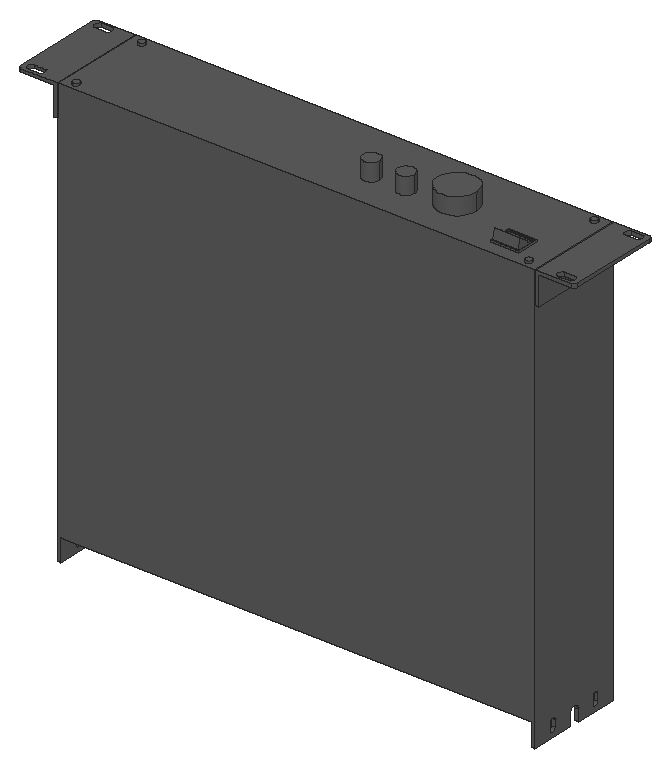
Revit family "Electronics_Commercial-Audio_Biamp_Power-Amplifier_PA240P", category Communication Devices, host Face, Revit 2020
Family settings
  Host = Face
  Maintain Annotation Orientation = No
  Round Connector Dimension = Use Diameter
  Part Type = Normal
  OmniClass Number = 23.85.10.11.14.14.17
  OmniClass Title = Sound Amplifiers
  Cut with Voids When Loaded = No
  Shared = No
  Room Calculation Point = No
Parameters (values of type "PA240P")
  Width = 16.92913"  # constant formula
  Weight = 13.15 kgf  # constant formula
  Voltage = 240 V
  Version = 1
  URL = "https://www.biamp.com/"
  Temperature Range = "90°C/ch + transformer 105°C"  # constant formula
  Product data url = "https://bimobject.com/biamp/product/pa240p_commercial-audio-power-amplifier"
  Product Page URL = "https://www.biamp.com/products/product-families/commercial-audio/power-amplifiers#pa240p"
  Product Documentation Link = "https://downloads.biamp.com/assets/docs/default-source/data-sheets/biamp_data_sheet_pa240p_aug20.pdf"
  Power Factor = 1
  Number of Poles = 1
  Model = "PA240P"  # constant formula
  Max Power Consumption = 525 W
  Manufacturer = "Biamp"  # constant formula
  Housing Material = Biamp - Metal - Black
  Height = 3.46457"  # constant formula
  Description = "PA240P 1-Channel Power Amplifier"  # constant formula
  Depth = 14.40945"  # constant formula
  Default Elevation = 48"
  Date Updated = ""
  Date Created = "2023/08/21"
  Connector Description = "Power supply"  # constant formula
  Apparent Load = Max Power Consumption / Power Factor  # 525 VA
Reference planes (in)
  plane 1 "Center (Front/Back)": y = 0
  plane 2: z = 0
  plane 3 "Center (Left/Right)": x = 0
  plane 4: y = 0.2485
  plane 5: x = -9.39
Dimensions and locks (in)
  locked: plane 4 to plane 1 "Center (Front/Back)" at 0.2485
  locked: plane 5 to plane 3 "Center (Left/Right)" at 9.39
  aligned and locked: plane 2 to host face
  aligned and locked: level to host face
  aligned and locked: plane 5 to nested 1
Nested families (in)
  nested 1: "PA240P" at (0.00354, 0, -7.08472) x (1, 0, 0) z (0, 1, 0), type "PA240P"
    with Housing Material Biamp - Metal - Black
Connectors (in)
  electrical at (3.54081, 1.23051, -13.38394), driven by "Power Factor", driven by "Apparent Load", driven by "Voltage", driven by "Number of Poles", driven by "Connector Description"
    settings: on nested 1, index 35, voltage 240 V, apparent load 0 VA, apparent load phase1 525 VA, apparent load phase2 0 VA, apparent load phase3 0 VA, power factor 1, load classification "Power", number of poles 1, system type 31, power factor state 1, is connector primary yes, connector utility no, sub classification motor no, connector description "Power supply"
  electrical at (1.41828, 1.82678, -14.51337)
    settings: on nested 1, index 36, voltage 0 V, apparent load 0 VA, apparent load phase1 0 VA, apparent load phase2 0 VA, apparent load phase3 0 VA, power factor 1, load classification "Other", number of poles 1, system type 5, power factor state 1, is connector primary no, connector utility no, sub classification motor no, connector description "Terminal strip"
  electrical at (-3.28388, 1.99845, -14.28945)
    settings: on nested 1, index 38, voltage 0 V, apparent load 0 VA, apparent load phase1 0 VA, apparent load phase2 0 VA, apparent load phase3 0 VA, power factor 1, load classification "Other", number of poles 1, system type 5, power factor state 1, is connector primary no, connector utility no, sub classification motor no, connector description "XLR3 or 6.3 mm stereo phone jack"
  electrical at (-5.05553, 1.99845, -14.28945)
    settings: on nested 1, index 39, voltage 0 V, apparent load 0 VA, apparent load phase1 0 VA, apparent load phase2 0 VA, apparent load phase3 0 VA, power factor 1, load classification "Other", number of poles 1, system type 5, power factor state 1, is connector primary no, connector utility no, sub classification motor no, connector description "XLR3 or 6.3 mm stereo phone jack"
  electrical at (-6.67955, 1.99845, -13.38394)
    settings: on nested 1, index 40, voltage 0 V, apparent load 0 VA, apparent load phase1 0 VA, apparent load phase2 0 VA, apparent load phase3 0 VA, power factor 1, load classification "Other", number of poles 1, system type 5, power factor state 1, is connector primary no, connector utility no, sub classification motor no, connector description "XLR3"
  electrical at (1.81312, 1.83059, -14.51337)
    settings: on nested 1, index 41, voltage 0 V, apparent load 0 VA, apparent load phase1 0 VA, apparent load phase2 0 VA, apparent load phase3 0 VA, power factor 1, load classification "Other", number of poles 1, system type 5, power factor state 1, is connector primary no, connector utility no, sub classification motor no, connector description "Terminal strip"
  electrical at (1.02187, 1.83059, -14.51337)
    settings: on nested 1, index 42, voltage 0 V, apparent load 0 VA, apparent load phase1 0 VA, apparent load phase2 0 VA, apparent load phase3 0 VA, power factor 1, load classification "Other", number of poles 1, system type 5, power factor state 1, is connector primary no, connector utility no, sub classification motor no, connector description "Terminal strip"
  electrical at (1.81312, 0.76309, -14.51337)
    settings: on nested 1, index 43, voltage 0 V, apparent load 0 VA, apparent load phase1 0 VA, apparent load phase2 0 VA, apparent load phase3 0 VA, power factor 1, load classification "Other", number of poles 1, system type 5, power factor state 1, is connector primary no, connector utility no, sub classification motor no, connector description "Emergency power supply 24VDC"
  electrical at (1.06312, 0.76309, -14.51337)
    settings: on nested 1, index 44, voltage 0 V, apparent load 0 VA, apparent load phase1 0 VA, apparent load phase2 0 VA, apparent load phase3 0 VA, power factor 1, load classification "Other", number of poles 1, system type 5, power factor state 1, is connector primary no, connector utility no, sub classification motor no, connector description "Speaker output connector"
Definition of nested family "PA240P"
  Parameters (values of type "PA240P")
    Housing Material [instance] = none
    Default Elevation = 48"
  Reference planes (in)
    plane 1 "Center (Front/Back)": y = 0
    plane 2: z = 0
    plane 3 "Center (Left/Right)": x = 0
    plane 4: z = 0.24217
    plane 5: x = -9.39354
  Forms (in)
    Extrusion 1, solid
      sketch origin (0, 0, 0) x (1, 0, 0) y (0, 1, 0)
        loop
          line (-48, 48) -> (-48, -48) -> (48, -48) -> (48, 48) -> (-48, 48)
      from 0 to -12
    Extrusion 2, solid, material <- "Housing Material"
      sketch origin (0, 0, 0) x (1, 0, 0) y (0, 1, 0)
        loop
          line (-8.46457, 7.20472) -> (-8.46457, -7.20472) -> (8.46457, -7.20472) -> (8.46457, 7.20472) -> (-8.46457, 7.20472)
      from 0 to 3.46457
    Extrusion 3, void
      sketch origin (0.26441, 2.18661, 2.44986) x (-1, 0, 0) y (0, 0, -1)
        loop
          line (-2.97532, 0.86406) -> (-2.78503, 1.05435) -> (-2.78503, 1.42962)
          arc (-2.78503, 1.42962) -> (-2.80466, 1.49098) -> (-2.85626, 1.52955) r 0.10571
          line (-2.85626, 1.52955) -> (-3.68937, 1.52955)
          arc (-3.68937, 1.52955) -> (-3.74097, 1.49098) -> (-3.7606, 1.42962) r 0.10571
          line (-3.7606, 1.42962) -> (-3.7606, 1.054) -> (-3.57065, 0.86406) -> (-2.97532, 0.86406)
        loop
          circle (6.9475, 0.45141) r 0.47244
      from -5.01811 to -4.1126
    Extrusion 4, solid, material <- "Housing Material"
      sketch origin (0, -1.41486, 0) x (1, 0, 0) y (0, 1, 0)
        loop
          line (-8.46457, -5.78986) -> (-8.46457, -5.59301) -> (-8.46457, -4.66461) -> (-8.58457, -4.66461) -> (-8.58457, -5.66986) -> (-9.8622, -5.66986) -> (-9.8622, -5.78986) -> (-8.46457, -5.78986)
        loop
          line (8.46457, -5.78986) -> (9.8622, -5.78986) -> (9.8622, -5.66986) -> (8.58457, -5.66986) -> (8.58457, -4.66461) -> (8.46457, -4.66461) -> (8.46457, -5.59301) -> (8.46457, -5.78986)
      from 0 to 3.46457
    Extrusion 5, void
      sketch origin (0, 0, 0) x (1, 0, 0) y (0, 0, 1)
        loop
          line (-9.8622, 0) -> (-9.75681, 0)
          spline (-9.75681, 0) -> (-9.77041, 0.00495) -> (-9.78314, 0.0112) -> (-9.79499, 0.01877) -> (-9.80597, 0.02764) -> (-9.81607, 0.03781) -> (-9.82529, 0.0493) -> (-9.83363, 0.06209) -> (-9.8411, 0.07619) -> (-9.84769, 0.09159) -> (-9.85341, 0.1083) -> (-9.85824, 0.12632) -> (-9.8622, 0.14564)
          line (-9.8622, 0.14564) -> (-9.8622, 0)
        loop
          line (-9.17292, 3.37335) -> (-9.61417, 3.37335)
          arc (-9.61417, 3.37335) -> (-9.70466, 3.2224) -> (-9.61417, 3.07145) r 0.17114
          line (-9.61417, 3.07145) -> (-9.17292, 3.07145)
          arc (-9.17292, 3.07145) -> (-9.08242, 3.2224) -> (-9.17292, 3.37335) r 0.17114
        loop
          line (-9.8622, 3.46457) -> (-9.8622, 3.31892)
          spline (-9.8622, 3.31892) -> (-9.85824, 3.33825) -> (-9.85341, 3.35627) -> (-9.84769, 3.37298) -> (-9.8411, 3.38838) -> (-9.83363, 3.40248) -> (-9.82529, 3.41527) -> (-9.81607, 3.42675) -> (-9.80597, 3.43693) -> (-9.79499, 3.4458) -> (-9.78314, 3.45336) -> (-9.77041, 3.45962) -> (-9.75681, 3.46457)
          line (-9.75681, 3.46457) -> (-9.8622, 3.46457)
        loop
          arc (-9.17292, 0.09122) -> (-9.08242, 0.24217) -> (-9.17292, 0.39312) r 0.17114
          line (-9.17292, 0.39312) -> (-9.61417, 0.39312)
          arc (-9.61417, 0.39312) -> (-9.70466, 0.24217) -> (-9.61417, 0.09122) r 0.17114
          line (-9.61417, 0.09122) -> (-9.17292, 0.09122)
        loop
          line (9.8622, 0) -> (9.8622, 0.14564)
          spline (9.8622, 0.14564) -> (9.85824, 0.12632) -> (9.85341, 0.1083) -> (9.84769, 0.09159) -> (9.8411, 0.07619) -> (9.83363, 0.06209) -> (9.82529, 0.0493) -> (9.81607, 0.03781) -> (9.80597, 0.02764) -> (9.79499, 0.01877) -> (9.78314, 0.0112) -> (9.77041, 0.00495) -> (9.75681, 0)
          line (9.75681, 0) -> (9.8622, 0)
        loop
          arc (9.17292, 3.37335) -> (9.08242, 3.2224) -> (9.17292, 3.07145) r 0.17114
          line (9.17292, 3.07145) -> (9.61417, 3.07145)
          arc (9.61417, 3.07145) -> (9.70466, 3.2224) -> (9.61417, 3.37335) r 0.17114
          line (9.61417, 3.37335) -> (9.17292, 3.37335)
        loop
          line (9.8622, 3.46457) -> (9.75681, 3.46457)
          spline (9.75681, 3.46457) -> (9.77041, 3.45962) -> (9.78314, 3.45336) -> (9.79499, 3.4458) -> (9.80597, 3.43693) -> (9.81607, 3.42675) -> (9.82529, 3.41527) -> (9.83363, 3.40248) -> (9.8411, 3.38838) -> (9.84769, 3.37298) -> (9.85341, 3.35627) -> (9.85824, 3.33825) -> (9.8622, 3.31892)
          line (9.8622, 3.31892) -> (9.8622, 3.46457)
        loop
          line (9.17292, 0.09122) -> (9.61417, 0.09122)
          arc (9.61417, 0.09122) -> (9.70466, 0.24217) -> (9.61417, 0.39312) r 0.17114
          line (9.61417, 0.39312) -> (9.17292, 0.39312)
          arc (9.17292, 0.39312) -> (9.08242, 0.24217) -> (9.17292, 0.09122) r 0.17114
      from 7.08472 to 7.20472
    Extrusion 6, solid, material <- "Housing Material", detail levels medium+fine
      sketch origin (-8.75489, 0, -0.74406) x (1, 0, 0) y (0, 0, 1)
        loop
          circle (0.73056, 1.02405) r 0.11811
        loop
          circle (0.73056, 3.92864) r 0.11811
        loop
          circle (16.77922, 1.02405) r 0.11811
        loop
          circle (16.77922, 3.92864) r 0.11811
      from 7.20472 to 7.26015
    Extrusion 7, void
      sketch origin (0, -1.25984, 0) x (0, 1, 0) y (0, 0, 1)
        loop
          line (9.25197, 1.92913) -> (8.85502, 1.92913)
          arc (8.85502, 1.92913) -> (8.65817, 1.73228) -> (8.85502, 1.53543) r 0.19685
          line (8.85502, 1.53543) -> (9.25197, 1.53543) -> (9.25197, 1.92913)
        loop
          line (8.98246, 2.80266) -> (8.73407, 2.80266)
          arc (8.73407, 2.80266) -> (8.61089, 2.67948) -> (8.73407, 2.5563) r 0.12318
          line (8.73407, 2.5563) -> (8.98246, 2.5563)
          arc (8.98246, 2.5563) -> (9.10564, 2.67948) -> (8.98246, 2.80266) r 0.12318
        loop
          arc (8.98246, 0.66191) -> (9.10564, 0.78509) -> (8.98246, 0.90827) r 0.12318
          line (8.98246, 0.90827) -> (8.73407, 0.90827)
          arc (8.73407, 0.90827) -> (8.61089, 0.78509) -> (8.73407, 0.66191) r 0.12318
          line (8.73407, 0.66191) -> (8.98246, 0.66191)
      from -8.46457 to 8.46457
    Extrusion 8, solid
      sketch origin (-13.30764, 10.82677, 19.07897) x (0, 1, 0) y (0, 0, 1)
        loop
          line (-3.62205, -17.49838) -> (-3.39813, -17.49838) -> (-3.39813, -17.00599) -> (-3.58514, -17.00599) -> (-3.58514, -17.30153) -> (-3.62205, -17.30153) -> (-3.62205, -17.49838)
        loop
          line (-3.62205, -18.55645) -> (-3.39813, -18.55645) -> (-3.39813, -18.06406) -> (-3.58514, -18.06406) -> (-3.58514, -18.3596) -> (-3.62205, -18.3596) -> (-3.62205, -18.55645)
      from 14.01504 to 15.42972
    Extrusion 9, solid, material <- "Housing Material", detail levels medium+fine
      sketch origin (-8.70568, 0, -0.94091) x (1, 0, 0) y (0, 0, 1)
        loop
          circle (6.79931, 3.11827) r 0.15748
      from -7.3622 to -7.20472
    Extrusion 10, solid, material <- "Housing Material", detail levels medium+fine
      sketch origin (-8.75489, 0, -0.74406) x (1, 0, 0) y (0, 0, 1)
        loop
          line (12.58249, 3.46923) -> (11.99194, 3.46923) -> (11.99194, 3.19729) -> (12.58249, 3.19729) -> (12.58249, 3.46923)
      from -7.3622 to -7.20472
    Sweep 11, solid, detail levels medium+fine
      path in 3D
        loop
          line (6.5775, -7.24409, 0.5014) -> (7.48302, -7.24409, 0.5014) -> (7.48302, -7.24409, 1.21006) -> (6.5775, -7.24409, 1.21006) -> (6.5775, -7.24409, 0.5014)
      profile origin (6.5775, -7.24409, 0.85573) x (-1, 0, 0) y (0, -1, 0)
        loop
          line (0, 0) -> (-0.03937, 0) -> (-0.03937, -0.03937) -> (0.03937, -0.03937) -> (0.03937, 0.03937) -> (0, 0.03937) -> (0, 0)
    Extrusion 12, solid, detail levels medium+fine
      sketch origin (3.17199, -1.56742, 0.6225) x (0, 0, -1) y (0, -1, 0)
        loop
          line (0.1211, 5.67667) -> (0.05274, 6.06439)
          arc (0.05274, 6.06439) -> (-0.24194, 5.82847) -> (-0.58756, 5.67667) r 1.44893
          line (-0.58756, 5.67667) -> (0.1211, 5.67667)
      from -4.31102 to -3.40551
    Extrusion 13, solid, material <- "Housing Material"
      sketch origin (0, -1.41486, 0) x (1, 0, 0) y (0, 1, 0)
        loop
          line (-8.46457, 8.61959) -> (-8.33916, 8.61959) -> (-8.33916, 9.40699) -> (-8.46457, 9.40699) -> (-8.46457, 8.61959)
        loop
          line (8.46457, 8.61959) -> (8.46457, 9.40699) -> (8.33916, 9.40699) -> (8.33916, 8.61959) -> (8.46457, 8.61959)
      from 0 to 3.46457
    Extrusion 14, solid, material <- "Housing Material", detail levels medium+fine
      sketch origin (-10.02378, 0, -0.01976) x (1, 0, 0) y (0, 0, 1)
        loop
          circle (14.45666, 1.6102) r 0.68898
        loop
          circle (12.88186, 1.31493) r 0.29528
        loop
          circle (11.65154, 1.31493) r 0.29528
      from 7.20472 to 7.79528
    Extrusion 15, solid, detail levels medium+fine
      sketch origin (-11.25992, 7.20472, 0) x (1, 0, 0) y (0, 0, -1)
        loop
          circle (7.97249, -1.99845) r 0.47244
        loop
          circle (7.97249, -1.99845) r 0.11811
        loop
          circle (6.20084, -1.99845) r 0.47244
        loop
          circle (6.20084, -1.99845) r 0.11811
      from 0 to 0.44631
  Cuts and joins
    Extrusion 3 cuts Extrusion 2
    Extrusion 7 cuts Extrusion 13
    joined: Extrusion 2, Extrusion 13
    Extrusion 5, Extrusion 7 cuts Extrusion 4
  Lines and regions (in)
    Masking region 1
      outline origin (0, 0, 0) x (1, 0, 0) y (0, 1, 0)
        loop
          line (-8.46457, 7.99213) -> (-8.46457, -7.20472) -> (8.46457, -7.20472) -> (8.46457, 7.99213) -> (8.33916, 7.99213) -> (8.33916, 7.20472) -> (-8.33916, 7.20472) -> (-8.33916, 7.99213) -> (-8.46457, 7.99213)
    Masking region 2
      outline origin (0, -0.05585, 0) x (1, 0, 0) y (0, 1, 0)
        loop
          line (-8.46457, -6.02362) -> (-8.58457, -6.02362) -> (-8.58457, -7.02888) -> (-9.8622, -7.02888) -> (-9.8622, -7.14888) -> (-8.46457, -7.14888) -> (-8.46457, -6.02362)
        loop
          line (8.46457, -6.02362) -> (8.46457, -7.14888) -> (9.8622, -7.14888) -> (9.8622, -7.02888) -> (8.58457, -7.02888) -> (8.58457, -6.02362) -> (8.46457, -6.02362)
    Masking region 3
      outline origin (0, 0, 0) x (1, 0, 0) y (0, 0, 1)
        loop
          line (-8.46457, 3.46457) -> (-8.46457, 0) -> (8.46457, 0) -> (8.46457, 3.46457) -> (-8.46457, 3.46457)
    Masking region 4
      outline origin (0, 0, 0) x (1, 0, 0) y (0, 0, 1)
        loop
          line (-9.8622, 3.31892) -> (-9.8622, 0.14564)
          spline (-9.8622, 0.14564) -> (-9.85824, 0.12632) -> (-9.85341, 0.1083) -> (-9.84769, 0.09159) -> (-9.8411, 0.07619) -> (-9.83363, 0.06209) -> (-9.82529, 0.0493) -> (-9.81607, 0.03781) -> (-9.80597, 0.02764) -> (-9.79499, 0.01877) -> (-9.78314, 0.0112) -> (-9.77041, 0.00495) -> (-9.75681, 0)
          line (-9.75681, 0) -> (-8.46457, 0) -> (-8.46457, 3.46457) -> (-9.75681, 3.46457)
          spline (-9.75681, 3.46457) -> (-9.77041, 3.45962) -> (-9.78314, 3.45336) -> (-9.79499, 3.4458) -> (-9.80597, 3.43693) -> (-9.81607, 3.42675) -> (-9.82529, 3.41527) -> (-9.83363, 3.40248) -> (-9.8411, 3.38838) -> (-9.84769, 3.37298) -> (-9.85341, 3.35627) -> (-9.85824, 3.33825) -> (-9.8622, 3.31892)
        loop
          line (9.8622, 0.14564) -> (9.8622, 3.31892)
          spline (9.8622, 3.31892) -> (9.85824, 3.33825) -> (9.85341, 3.35627) -> (9.84769, 3.37298) -> (9.8411, 3.38838) -> (9.83363, 3.40248) -> (9.82529, 3.41527) -> (9.81607, 3.42675) -> (9.80597, 3.43693) -> (9.79499, 3.4458) -> (9.78314, 3.45336) -> (9.77041, 3.45962) -> (9.75681, 3.46457)
          line (9.75681, 3.46457) -> (8.46457, 3.46457) -> (8.46457, 0) -> (9.75681, 0)
          spline (9.75681, 0) -> (9.77041, 0.00495) -> (9.78314, 0.0112) -> (9.79499, 0.01877) -> (9.80597, 0.02764) -> (9.81607, 0.03781) -> (9.82529, 0.0493) -> (9.83363, 0.06209) -> (9.8411, 0.07619) -> (9.84769, 0.09159) -> (9.85341, 0.1083) -> (9.85824, 0.12632) -> (9.8622, 0.14564)
        loop
          line (9.61417, 3.37335) -> (9.17292, 3.37335)
          arc (9.17292, 3.37335) -> (9.08242, 3.2224) -> (9.17292, 3.07145) r 0.17114
          line (9.17292, 3.07145) -> (9.61417, 3.07145)
          arc (9.61417, 3.07145) -> (9.70466, 3.2224) -> (9.61417, 3.37335) r 0.17114
        loop
          line (9.61417, 0.39312) -> (9.17292, 0.39312)
          arc (9.17292, 0.39312) -> (9.08242, 0.24217) -> (9.17292, 0.09122) r 0.17114
          line (9.17292, 0.09122) -> (9.61417, 0.09122)
          arc (9.61417, 0.09122) -> (9.70466, 0.24217) -> (9.61417, 0.39312) r 0.17114
        loop
          line (-9.61417, 0.09122) -> (-9.17292, 0.09122)
          arc (-9.17292, 0.09122) -> (-9.08242, 0.24217) -> (-9.17292, 0.39312) r 0.17114
          line (-9.17292, 0.39312) -> (-9.61417, 0.39312)
          arc (-9.61417, 0.39312) -> (-9.70466, 0.24217) -> (-9.61417, 0.09122) r 0.17114
        loop
          line (-9.61417, 3.07145) -> (-9.17292, 3.07145)
          arc (-9.17292, 3.07145) -> (-9.08242, 3.2224) -> (-9.17292, 3.37335) r 0.17114
          line (-9.17292, 3.37335) -> (-9.61417, 3.37335)
          arc (-9.61417, 3.37335) -> (-9.70466, 3.2224) -> (-9.61417, 3.07145) r 0.17114
    symbolic lines, detail levels medium+fine
      curve 1: line (7.52239, 0, 0.46203) -> (7.52239, 0, 1.24943)
      curve 2: line (7.52239, 0, 1.24943) -> (6.53813, 0, 1.24943)
      curve 3: line (6.53813, 0, 1.24943) -> (6.53813, 0, 0.46203)
      curve 4: line (6.53813, 0, 0.46203) -> (7.52239, 0, 0.46203)
      curve 5: line (7.48302, 0, 0.5014) -> (7.48302, 0, 1.21006)
      curve 6: line (7.48302, 0, 1.21006) -> (6.5775, 0, 1.21006)
      curve 7: line (6.5775, 0, 1.21006) -> (6.5775, 0, 0.5014)
      curve 8: line (6.5775, 0, 0.5014) -> (7.48302, 0, 0.5014)
      curve 126: line (6.53813, -7.20472, 0) -> (6.53813, -7.28346, 0)
      curve 127: line (6.5775, -7.28346, 0) -> (6.5775, -7.63181, 0)
      curve 128: line (6.5775, -7.63181, 0) -> (7.48302, -7.63181, 0)
      curve 129: line (7.48302, -7.63181, 0) -> (7.48302, -7.28346, 0)
      curve 130: line (7.52239, -7.28346, 0) -> (7.52239, -7.20472, 0)
      curve 131: line (7.90622, -7.20472, 0) -> (7.90622, -7.26015, 0)
      curve 132: line (7.90622, -7.26015, 0) -> (8.14244, -7.26015, 0)
      curve 133: line (8.14244, -7.26015, 0) -> (8.14244, -7.20472, 0)
      curve 134: line (6.53813, -7.28346, 0) -> (7.52239, -7.28346, 0)
      curve 135: line (6.61687, 0, 1.17069) -> (6.61687, 0, 0.54077)
      curve 136: line (6.61687, 0, 0.54077) -> (7.44365, 0, 0.54077)
      curve 137: line (7.44365, 0, 0.54077) -> (7.44365, 0, 1.17069)
      curve 138: line (7.44365, 0, 1.17069) -> (6.61687, 0, 1.17069)
      curve 139: line (-7.23218, 0, 2.97234) -> (-6.03759, 0, 2.97234)
      curve 140: line (-7.23218, 0, 2.84) -> (-7.23218, 0, 2.97234)
      curve 141: line (-6.03759, 0, 2.84) -> (-7.23218, 0, 2.84)
      curve 142: line (-6.03759, 0, 2.97234) -> (-6.03759, 0, 2.84)
      curve 143: line (-7.23218, 0, 2.77549) -> (-6.03759, 0, 2.77549)
      curve 144: line (-7.23218, 0, 2.64315) -> (-7.23218, 0, 2.77549)
      curve 145: line (-6.03759, 0, 2.64315) -> (-7.23218, 0, 2.64315)
      curve 146: line (-6.03759, 0, 2.77549) -> (-6.03759, 0, 2.64315)
      curve 147: line (-7.23218, 0, 2.57864) -> (-6.03759, 0, 2.57864)
      curve 148: line (-7.23218, 0, 2.4463) -> (-7.23218, 0, 2.57864)
      curve 149: line (-6.03759, 0, 2.4463) -> (-7.23218, 0, 2.4463)
      curve 150: line (-6.03759, 0, 2.57864) -> (-6.03759, 0, 2.4463)
      curve 151: line (-7.23218, 0, 2.38178) -> (-6.03759, 0, 2.38178)
      curve 152: line (-7.23218, 0, 2.24945) -> (-7.23218, 0, 2.38178)
      curve 153: line (-6.03759, 0, 2.24945) -> (-7.23218, 0, 2.24945)
      curve 154: line (-6.03759, 0, 2.38178) -> (-6.03759, 0, 2.24945)
      curve 155: line (-7.23218, 0, 2.18493) -> (-6.03759, 0, 2.18493)
      curve 156: line (-7.23218, 0, 2.0526) -> (-7.23218, 0, 2.18493)
      curve 157: line (-6.03759, 0, 2.0526) -> (-7.23218, 0, 2.0526)
      curve 158: line (-6.03759, 0, 2.18493) -> (-6.03759, 0, 2.0526)
      curve 159: line (-5.65737, 0, 2.97234) -> (-4.46279, 0, 2.97234)
      curve 160: line (-5.65737, 0, 2.84) -> (-5.65737, 0, 2.97234)
      curve 161: line (-4.46279, 0, 2.84) -> (-5.65737, 0, 2.84)
      curve 162: line (-4.46279, 0, 2.97234) -> (-4.46279, 0, 2.84)
      curve 163: line (-5.65737, 0, 2.77549) -> (-4.46279, 0, 2.77549)
      curve 164: line (-5.65737, 0, 2.64315) -> (-5.65737, 0, 2.77549)
      curve 165: line (-4.46279, 0, 2.64315) -> (-5.65737, 0, 2.64315)
      curve 166: line (-4.46279, 0, 2.77549) -> (-4.46279, 0, 2.64315)
      curve 167: line (-5.65737, 0, 2.57864) -> (-4.46279, 0, 2.57864)
      curve 168: line (-5.65737, 0, 2.4463) -> (-5.65737, 0, 2.57864)
      curve 169: line (-4.46279, 0, 2.4463) -> (-5.65737, 0, 2.4463)
      curve 170: line (-4.46279, 0, 2.57864) -> (-4.46279, 0, 2.4463)
      curve 171: line (-5.65737, 0, 2.38178) -> (-4.46279, 0, 2.38178)
      curve 172: line (-5.65737, 0, 2.24945) -> (-5.65737, 0, 2.38178)
      curve 173: line (-4.46279, 0, 2.24945) -> (-5.65737, 0, 2.24945)
      curve 174: line (-4.46279, 0, 2.38178) -> (-4.46279, 0, 2.24945)
      curve 175: line (-5.65737, 0, 2.18493) -> (-4.46279, 0, 2.18493)
      curve 176: line (-5.65737, 0, 2.0526) -> (-5.65737, 0, 2.18493)
      curve 177: line (-4.46279, 0, 2.0526) -> (-5.65737, 0, 2.0526)
      curve 178: line (-4.46279, 0, 2.18493) -> (-4.46279, 0, 2.0526)
      curve 179: line (-4.08257, 0, 2.97234) -> (-2.88798, 0, 2.97234)
      curve 180: line (-4.08257, 0, 2.84) -> (-4.08257, 0, 2.97234)
      curve 181: line (-2.88798, 0, 2.84) -> (-4.08257, 0, 2.84)
      curve 182: line (-2.88798, 0, 2.97234) -> (-2.88798, 0, 2.84)
      curve 183: line (-4.08257, 0, 2.77549) -> (-2.88798, 0, 2.77549)
      curve 184: line (-4.08257, 0, 2.64315) -> (-4.08257, 0, 2.77549)
      curve 185: line (-2.88798, 0, 2.64315) -> (-4.08257, 0, 2.64315)
      curve 186: line (-2.88798, 0, 2.77549) -> (-2.88798, 0, 2.64315)
      curve 187: line (-4.08257, 0, 2.57864) -> (-2.88798, 0, 2.57864)
      curve 188: line (-4.08257, 0, 2.4463) -> (-4.08257, 0, 2.57864)
      curve 189: line (-2.88798, 0, 2.4463) -> (-4.08257, 0, 2.4463)
      curve 190: line (-2.88798, 0, 2.57864) -> (-2.88798, 0, 2.4463)
      curve 191: line (-4.08257, 0, 2.38178) -> (-2.88798, 0, 2.38178)
      curve 192: line (-4.08257, 0, 2.24945) -> (-4.08257, 0, 2.38178)
      curve 193: line (-2.88798, 0, 2.24945) -> (-4.08257, 0, 2.24945)
      curve 194: line (-2.88798, 0, 2.38178) -> (-2.88798, 0, 2.24945)
      curve 195: line (-4.08257, 0, 2.18493) -> (-2.88798, 0, 2.18493)
      curve 196: line (-4.08257, 0, 2.0526) -> (-4.08257, 0, 2.18493)
      curve 197: line (-2.88798, 0, 2.0526) -> (-4.08257, 0, 2.0526)
      curve 198: line (-2.88798, 0, 2.18493) -> (-2.88798, 0, 2.0526)
      curve 199: line (-8.14244, -7.20472, 0) -> (-8.14244, -7.26015, 0)
      curve 200: line (-8.14244, -7.26015, 0) -> (-7.90622, -7.26015, 0)
      curve 201: line (-7.90622, -7.26015, 0) -> (-7.90622, -7.20472, 0)
      curve 202: line (-5.53152, 7.65103, 0) -> (-4.58664, 7.65103, 0)
      curve 203: line (-4.58664, 7.65103, 0) -> (-4.58664, 7.20472, 0)
      curve 204: line (-5.53152, 7.65103, 0) -> (-5.53152, 7.20472, 0)
      curve 205: line (-3.75987, 7.65103, 0) -> (-3.75987, 7.20472, 0)
      curve 206: line (-3.75987, 7.65103, 0) -> (-2.81498, 7.65103, 0)
      curve 207: line (-2.81498, 7.65103, 0) -> (-2.81498, 7.20472, 0)
      curve 208: line (-2.06385, 7.3622, 0) -> (-1.74889, 7.3622, 0)
      curve 209: line (-1.74889, 7.3622, 0) -> (-1.74889, 7.20472, 0)
      curve 210: line (-2.06385, 7.3622, 0) -> (-2.06385, 7.20472, 0)
      curve 211: line (0.7074, 7.42864, 0) -> (2.12208, 7.42864, 0)
      curve 212: line (2.12208, 7.42864, 0) -> (2.12208, 7.20472, 0)
      curve 213: line (0.7074, 7.42864, 0) -> (0.7074, 7.20472, 0)
      curve 214: line (0.7074, 7.24163, 0) -> (2.12208, 7.24163, 0)
      curve 215: line (3.23705, 7.3622, 0) -> (3.8276, 7.3622, 0)
      curve 216: line (3.8276, 7.3622, 0) -> (3.8276, 7.20472, 0)
      curve 217: line (3.23705, 7.3622, 0) -> (3.23705, 7.20472, 0)
      curve 218: line (1.33248, -7.20472, 0) -> (1.33248, -7.79528, 0)
      curve 219: line (1.33248, -7.79528, 0) -> (1.92303, -7.79528, 0)
      curve 220: line (1.92303, -7.79528, 0) -> (1.92303, -7.20472, 0)
      curve 221: line (2.5628, -7.79528, 0) -> (3.15335, -7.79528, 0)
      curve 222: line (3.15335, -7.79528, 0) -> (3.15335, -7.20472, 0)
      curve 223: line (2.5628, -7.20472, 0) -> (2.5628, -7.79528, 0)
      curve 224: line (3.7439, -7.79528, 0) -> (3.7439, -7.20472, 0)
      curve 225: line (3.7439, -7.79528, 0) -> (5.12185, -7.79528, 0)
      curve 226: line (5.12185, -7.79528, 0) -> (5.12185, -7.20472, 0)
      curve 227: arc (-8.14244, 0, 3.18458) -> (-8.02433, 0, 3.06647) -> (-7.90622, 0, 3.18458) r 0.11811
      curve 228: arc (-7.90622, 0, 3.18458) -> (-8.02433, 0, 3.30269) -> (-8.14244, 0, 3.18458) r 0.11811
      curve 229: arc (-7.90622, 0, 0.27999) -> (-8.02433, 0, 0.3981) -> (-8.14244, 0, 0.27999) r 0.11811
      curve 230: arc (-8.14244, 0, 0.27999) -> (-8.02433, 0, 0.16188) -> (-7.90622, 0, 0.27999) r 0.11811
      curve 231: arc (1.92303, 0, 1.29516) -> (1.62776, 0, 1.59044) -> (1.33248, 0, 1.29516) r 0.29528
      curve 232: arc (1.33248, 0, 1.29516) -> (1.62776, 0, 0.99989) -> (1.92303, 0, 1.29516) r 0.29528
      curve 233: arc (3.15335, 0, 1.29516) -> (2.85807, 0, 1.59044) -> (2.5628, 0, 1.29516) r 0.29528
      curve 234: arc (2.5628, 0, 1.29516) -> (2.85807, 0, 0.99989) -> (3.15335, 0, 1.29516) r 0.29528
      curve 235: arc (5.12185, 0, 1.59044) -> (4.43288, 0, 2.27942) -> (3.7439, 0, 1.59044) r 0.68898
      curve 236: arc (3.7439, 0, 1.59044) -> (4.43288, 0, 0.90146) -> (5.12185, 0, 1.59044) r 0.68898
      curve 237: arc (7.90622, 0, 3.18458) -> (8.02433, 0, 3.06647) -> (8.14244, 0, 3.18458) r 0.11811
      curve 238: arc (8.14244, 0, 3.18458) -> (8.02433, 0, 3.30269) -> (7.90622, 0, 3.18458) r 0.11811
      curve 239: arc (8.14244, 0, 0.27999) -> (8.02433, 0, 0.3981) -> (7.90622, 0, 0.27999) r 0.11811
      curve 240: arc (7.90622, 0, 0.27999) -> (8.02433, 0, 0.16188) -> (8.14244, 0, 0.27999) r 0.11811
    model lines, detail levels medium+fine
      curve 9: arc (6.01748, 7.20472, 3.33425) -> (5.09822, 7.20472, 2.88381) -> (4.65009, 7.20472, 1.96342) r 1.5748
      curve 10: arc (4.84528, 7.20472, 1.93785) -> (5.2376, 7.20472, 2.7448) -> (6.04357, 7.20472, 3.13913) r 1.37795
      curve 11: arc (4.65009, 7.20472, 1.96342) -> (4.73647, 7.20472, 1.86499) -> (4.84528, 7.20472, 1.93785) r 0.09927
      curve 12: arc (6.01748, 7.20472, 3.33425) -> (6.1159, 7.20472, 3.24811) -> (6.04357, 7.20472, 3.13913) r 0.09931
      curve 13: arc (6.40887, 7.20472, 3.33425) -> (7.32813, 7.20472, 2.88381) -> (7.77626, 7.20472, 1.96342) r 1.5748
      curve 14: arc (7.58107, 7.20472, 1.93785) -> (7.18875, 7.20472, 2.7448) -> (6.38278, 7.20472, 3.13913) r 1.37795
      curve 15: arc (7.77626, 7.20472, 1.96342) -> (7.68988, 7.20472, 1.86499) -> (7.58107, 7.20472, 1.93785) r 0.09927
      curve 16: arc (6.40887, 7.20472, 3.33425) -> (6.31044, 7.20472, 3.24811) -> (6.38278, 7.20472, 3.13913) r 0.09931
      curve 17: arc (6.01748, 7.20472, 0.20906) -> (5.09822, 7.20472, 0.6595) -> (4.65009, 7.20472, 1.57989) r 1.5748
      curve 18: arc (4.84528, 7.20472, 1.60546) -> (5.2376, 7.20472, 0.79851) -> (6.04357, 7.20472, 0.40418) r 1.37795
      curve 19: arc (4.65009, 7.20472, 1.57989) -> (4.73647, 7.20472, 1.67832) -> (4.84528, 7.20472, 1.60546) r 0.09927
      curve 20: arc (6.01748, 7.20472, 0.20906) -> (6.1159, 7.20472, 0.2952) -> (6.04357, 7.20472, 0.40418) r 0.09931
      curve 21: arc (6.40887, 7.20472, 0.20906) -> (7.32813, 7.20472, 0.6595) -> (7.77626, 7.20472, 1.57989) r 1.5748
      curve 22: arc (7.58107, 7.20472, 1.60546) -> (7.18875, 7.20472, 0.79851) -> (6.38278, 7.20472, 0.40418) r 1.37795
      curve 23: arc (7.77626, 7.20472, 1.57989) -> (7.68988, 7.20472, 1.67832) -> (7.58107, 7.20472, 1.60546) r 0.09927
      curve 24: arc (6.40887, 7.20472, 0.20906) -> (6.31044, 7.20472, 0.2952) -> (6.38278, 7.20472, 0.40418) r 0.09931
      curve 25: arc (6.02163, 7.20472, 2.93712) -> (5.37329, 7.20472, 2.60207) -> (5.04561, 7.20472, 1.94997) r 1.1811
      curve 26: arc (6.05355, 7.20472, 2.74288) -> (5.51231, 7.20472, 2.46269) -> (5.23979, 7.20472, 1.91754) r 0.98425
      curve 27: arc (5.04561, 7.20472, 1.94997) -> (5.12897, 7.20472, 1.85154) -> (5.23979, 7.20472, 1.91754) r 0.0998
      curve 28: arc (6.02163, 7.20472, 2.93712) -> (6.13471, 7.20472, 2.85596) -> (6.05355, 7.20472, 2.74288) r 0.09843
      curve 29: arc (6.40472, 7.20472, 2.93712) -> (7.05306, 7.20472, 2.60207) -> (7.38074, 7.20472, 1.94997) r 1.1811
      curve 30: arc (6.3728, 7.20472, 2.74288) -> (6.91404, 7.20472, 2.46269) -> (7.18655, 7.20472, 1.91754) r 0.98425
      curve 31: arc (7.38074, 7.20472, 1.94997) -> (7.29738, 7.20472, 1.85154) -> (7.18655, 7.20472, 1.91754) r 0.0998
      curve 32: arc (6.40472, 7.20472, 2.93712) -> (6.29164, 7.20472, 2.85596) -> (6.3728, 7.20472, 2.74288) r 0.09843
      curve 33: arc (6.02163, 7.20472, 0.60619) -> (5.37329, 7.20472, 0.94124) -> (5.04561, 7.20472, 1.59333) r 1.1811
      curve 34: arc (6.05355, 7.20472, 0.80043) -> (5.51231, 7.20472, 1.08061) -> (5.23979, 7.20472, 1.62576) r 0.98425
      curve 35: arc (5.04561, 7.20472, 1.59333) -> (5.12897, 7.20472, 1.69177) -> (5.23979, 7.20472, 1.62576) r 0.0998
      curve 36: arc (6.02163, 7.20472, 0.60619) -> (6.13471, 7.20472, 0.68735) -> (6.05355, 7.20472, 0.80043) r 0.09843
      curve 37: arc (6.40472, 7.20472, 0.60619) -> (7.05306, 7.20472, 0.94124) -> (7.38074, 7.20472, 1.59333) r 1.1811
      curve 38: arc (6.3728, 7.20472, 0.80043) -> (6.91404, 7.20472, 1.08061) -> (7.18655, 7.20472, 1.62576) r 0.98425
      curve 39: arc (7.38074, 7.20472, 1.59333) -> (7.29738, 7.20472, 1.69177) -> (7.18655, 7.20472, 1.62576) r 0.0998
      curve 40: arc (6.40472, 7.20472, 0.60619) -> (6.29164, 7.20472, 0.68735) -> (6.3728, 7.20472, 0.80043) r 0.09843
      curve 41: arc (6.0261, 7.20472, 2.53651) -> (5.65298, 7.20472, 2.32499) -> (5.44607, 7.20472, 1.9493) r 0.7874
      curve 42: arc (6.07287, 7.20472, 2.34529) -> (5.79303, 7.20472, 2.18666) -> (5.63785, 7.20472, 1.90489) r 0.59055
      curve 43: arc (6.0261, 7.20472, 2.53651) -> (6.14509, 7.20472, 2.46429) -> (6.07287, 7.20472, 2.34529) r 0.09843
      curve 44: arc (5.44607, 7.20472, 1.9493) -> (5.51976, 7.20472, 1.8312) -> (5.63785, 7.20472, 1.90489) r 0.09843
      curve 45: arc (6.40025, 7.20472, 2.53651) -> (6.77337, 7.20472, 2.32499) -> (6.98028, 7.20472, 1.9493) r 0.7874
      curve 46: arc (6.35348, 7.20472, 2.34529) -> (6.63332, 7.20472, 2.18666) -> (6.7885, 7.20472, 1.90489) r 0.59055
      curve 47: arc (6.40025, 7.20472, 2.53651) -> (6.28126, 7.20472, 2.46429) -> (6.35348, 7.20472, 2.34529) r 0.09843
      curve 48: arc (6.98028, 7.20472, 1.9493) -> (6.90659, 7.20472, 1.8312) -> (6.7885, 7.20472, 1.90489) r 0.09843
      curve 49: arc (6.0261, 7.20472, 1.0068) -> (5.65298, 7.20472, 1.21832) -> (5.44607, 7.20472, 1.59401) r 0.7874
      curve 50: arc (6.07287, 7.20472, 1.19801) -> (5.79303, 7.20472, 1.35665) -> (5.63785, 7.20472, 1.63842) r 0.59055
      curve 51: arc (6.0261, 7.20472, 1.0068) -> (6.14509, 7.20472, 1.07902) -> (6.07287, 7.20472, 1.19801) r 0.09843
      curve 52: arc (5.44607, 7.20472, 1.59401) -> (5.51976, 7.20472, 1.7121) -> (5.63785, 7.20472, 1.63842) r 0.09843
      curve 53: arc (6.40025, 7.20472, 1.0068) -> (6.77337, 7.20472, 1.21832) -> (6.98028, 7.20472, 1.59401) r 0.7874
      curve 54: arc (6.35348, 7.20472, 1.19801) -> (6.63332, 7.20472, 1.35665) -> (6.7885, 7.20472, 1.63842) r 0.59055
      curve 55: arc (6.40025, 7.20472, 1.0068) -> (6.28126, 7.20472, 1.07902) -> (6.35348, 7.20472, 1.19801) r 0.09843
      curve 56: arc (6.98028, 7.20472, 1.59401) -> (6.90659, 7.20472, 1.7121) -> (6.7885, 7.20472, 1.63842) r 0.09843
      curve 57: circle (6.47512, 7.20472, 1.95507) r 0.07874 normal (0, 1, 0)
      curve 58: circle (5.95123, 7.20472, 1.95507) r 0.07874 normal (0, -1, 0)
      curve 59: circle (6.47512, 7.20472, 1.58824) r 0.07874 normal (0, -1, 0)
      curve 60: circle (5.95123, 7.20472, 1.58824) r 0.07874 normal (0, 1, 0)
      curve 65: line (-7.23218, -7.20472, 2.97234) -> (-6.03759, -7.20472, 2.97234)
      curve 66: line (-7.23218, -7.20472, 2.84) -> (-7.23218, -7.20472, 2.97234)
      curve 67: line (-6.03759, -7.20472, 2.84) -> (-7.23218, -7.20472, 2.84)
      curve 68: line (-6.03759, -7.20472, 2.97234) -> (-6.03759, -7.20472, 2.84)
      curve 69: line (-7.23218, -7.20472, 2.77549) -> (-6.03759, -7.20472, 2.77549)
      curve 70: line (-7.23218, -7.20472, 2.64315) -> (-7.23218, -7.20472, 2.77549)
      curve 71: line (-6.03759, -7.20472, 2.64315) -> (-7.23218, -7.20472, 2.64315)
      curve 72: line (-6.03759, -7.20472, 2.77549) -> (-6.03759, -7.20472, 2.64315)
      curve 73: line (-7.23218, -7.20472, 2.57864) -> (-6.03759, -7.20472, 2.57864)
      curve 74: line (-7.23218, -7.20472, 2.4463) -> (-7.23218, -7.20472, 2.57864)
      curve 75: line (-6.03759, -7.20472, 2.4463) -> (-7.23218, -7.20472, 2.4463)
      curve 76: line (-6.03759, -7.20472, 2.57864) -> (-6.03759, -7.20472, 2.4463)
      curve 77: line (-7.23218, -7.20472, 2.38178) -> (-6.03759, -7.20472, 2.38178)
      curve 78: line (-7.23218, -7.20472, 2.24945) -> (-7.23218, -7.20472, 2.38178)
      curve 79: line (-6.03759, -7.20472, 2.24945) -> (-7.23218, -7.20472, 2.24945)
      curve 80: line (-6.03759, -7.20472, 2.38178) -> (-6.03759, -7.20472, 2.24945)
      curve 81: line (-7.23218, -7.20472, 2.18493) -> (-6.03759, -7.20472, 2.18493)
      curve 82: line (-7.23218, -7.20472, 2.0526) -> (-7.23218, -7.20472, 2.18493)
      curve 83: line (-6.03759, -7.20472, 2.0526) -> (-7.23218, -7.20472, 2.0526)
      curve 84: line (-6.03759, -7.20472, 2.18493) -> (-6.03759, -7.20472, 2.0526)
      curve 85: line (-5.65737, -7.20472, 2.97234) -> (-4.46279, -7.20472, 2.97234)
      curve 86: line (-5.65737, -7.20472, 2.84) -> (-5.65737, -7.20472, 2.97234)
      curve 87: line (-4.46279, -7.20472, 2.84) -> (-5.65737, -7.20472, 2.84)
      curve 88: line (-4.46279, -7.20472, 2.97234) -> (-4.46279, -7.20472, 2.84)
      curve 89: line (-5.65737, -7.20472, 2.77549) -> (-4.46279, -7.20472, 2.77549)
      curve 90: line (-5.65737, -7.20472, 2.64315) -> (-5.65737, -7.20472, 2.77549)
      curve 91: line (-4.46279, -7.20472, 2.64315) -> (-5.65737, -7.20472, 2.64315)
      curve 92: line (-4.46279, -7.20472, 2.77549) -> (-4.46279, -7.20472, 2.64315)
      curve 93: line (-5.65737, -7.20472, 2.57864) -> (-4.46279, -7.20472, 2.57864)
      curve 94: line (-5.65737, -7.20472, 2.4463) -> (-5.65737, -7.20472, 2.57864)
      curve 95: line (-4.46279, -7.20472, 2.4463) -> (-5.65737, -7.20472, 2.4463)
      curve 96: line (-4.46279, -7.20472, 2.57864) -> (-4.46279, -7.20472, 2.4463)
      curve 97: line (-5.65737, -7.20472, 2.38178) -> (-4.46279, -7.20472, 2.38178)
      curve 98: line (-5.65737, -7.20472, 2.24945) -> (-5.65737, -7.20472, 2.38178)
      curve 99: line (-4.46279, -7.20472, 2.24945) -> (-5.65737, -7.20472, 2.24945)
      curve 100: line (-4.46279, -7.20472, 2.38178) -> (-4.46279, -7.20472, 2.24945)
      curve 101: line (-5.65737, -7.20472, 2.18493) -> (-4.46279, -7.20472, 2.18493)
      curve 102: line (-5.65737, -7.20472, 2.0526) -> (-5.65737, -7.20472, 2.18493)
      curve 103: line (-4.46279, -7.20472, 2.0526) -> (-5.65737, -7.20472, 2.0526)
      curve 104: line (-4.46279, -7.20472, 2.18493) -> (-4.46279, -7.20472, 2.0526)
      curve 105: line (-4.08257, -7.20472, 2.97234) -> (-2.88798, -7.20472, 2.97234)
      curve 106: line (-4.08257, -7.20472, 2.84) -> (-4.08257, -7.20472, 2.97234)
      curve 107: line (-2.88798, -7.20472, 2.84) -> (-4.08257, -7.20472, 2.84)
      curve 108: line (-2.88798, -7.20472, 2.97234) -> (-2.88798, -7.20472, 2.84)
      curve 109: line (-4.08257, -7.20472, 2.77549) -> (-2.88798, -7.20472, 2.77549)
      curve 110: line (-4.08257, -7.20472, 2.64315) -> (-4.08257, -7.20472, 2.77549)
      curve 111: line (-2.88798, -7.20472, 2.64315) -> (-4.08257, -7.20472, 2.64315)
      curve 112: line (-2.88798, -7.20472, 2.77549) -> (-2.88798, -7.20472, 2.64315)
      curve 113: line (-4.08257, -7.20472, 2.57864) -> (-2.88798, -7.20472, 2.57864)
      curve 114: line (-4.08257, -7.20472, 2.4463) -> (-4.08257, -7.20472, 2.57864)
      curve 115: line (-2.88798, -7.20472, 2.4463) -> (-4.08257, -7.20472, 2.4463)
      curve 116: line (-2.88798, -7.20472, 2.57864) -> (-2.88798, -7.20472, 2.4463)
      curve 117: line (-4.08257, -7.20472, 2.38178) -> (-2.88798, -7.20472, 2.38178)
      curve 118: line (-4.08257, -7.20472, 2.24945) -> (-4.08257, -7.20472, 2.38178)
      curve 119: line (-2.88798, -7.20472, 2.24945) -> (-4.08257, -7.20472, 2.24945)
      curve 120: line (-2.88798, -7.20472, 2.38178) -> (-2.88798, -7.20472, 2.24945)
      curve 121: line (-4.08257, -7.20472, 2.18493) -> (-2.88798, -7.20472, 2.18493)
      curve 122: line (-4.08257, -7.20472, 2.0526) -> (-4.08257, -7.20472, 2.18493)
      curve 123: line (-2.88798, -7.20472, 2.0526) -> (-4.08257, -7.20472, 2.0526)
      curve 124: line (-2.88798, -7.20472, 2.18493) -> (-2.88798, -7.20472, 2.0526)
    sketch lines
      curve 61: line (6.5775, -7.24409, 1.21006) -> (6.5775, -7.24409, 0.5014)
      curve 62: line (6.5775, -7.24409, 1.21006) -> (7.48302, -7.24409, 1.21006)
      curve 63: line (7.48302, -7.24409, 0.5014) -> (7.48302, -7.24409, 1.21006)
      curve 64: line (6.5775, -7.24409, 0.5014) -> (7.48302, -7.24409, 0.5014)
    symbolic lines
      curve 125: line (8.33916, 7.20472, 0) -> (-8.33916, 7.20472, 0)
  Dimensions and locks (in)
    aligned and locked: plane 2 to Extrusion 1
    aligned and locked: level to Extrusion 1
